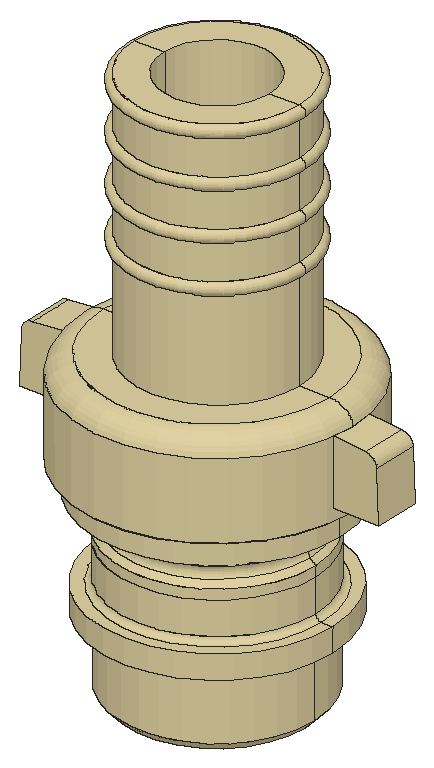
Revit family "HA04900000", category Apparecchi idraulici, Revit 2020
Family settings
  Quota connettore circolare = Usa diametro
  Tipo di parte = Normale
  Numero OmniClass = 23.45.00.00
  Titolo OmniClass = Sanitary, Laundry, and Cleaning Equipment
  Basato su piano di lavoro = No
  Sempre verticale = Sì
  Taglio con vuoti quando caricato = No
  Condiviso = No
  Punto di calcolo locali = No
Parameters
  URL = "https://web.cimberio.com/index.php/figura/107?subcategoria_id=31485"
  Temperatura di esercizio = "-10 ÷ 90°C"
  Prospetto di default = 0 mm
  Produttore = "CIMBERIO SPA"
  Pressione nominale = "PN 16"
  Modello = "Cim 142"
  Materiale = "Prodotto in lega di ottone conforme alla norma EN 12165-CW617N-DW"
  Descrizione = "Realizzato in ottemperanza ai requisiti gestionali della norma EN ISO 9001"
  DN Model [instance] = HA04903161 : HA04903161
  DN [instance] = 18 mm
  Commenti sul tipo = "Utilizzato per impianti idrici, applicazioni industriali ed agricole, in generale con ogni fluido non corrosivo"
Reference planes
  plane 1 "Centro (Fronte/Retro)": y = 0
  plane 2: z = 0
  plane 3 "Centro (Sinistra/Destra)": x = 0
Dimensions and locks
  aligned and locked: level to plane 2
Nested families
  nested 1: "HA04903161" at (0, 0, 0), type <- "DN Model", type "HA04903161"
  nested 2: "HA04903161" at (0, 0, 0), type <- "DN Model", type "HA04903161"
  nested 3: "HA04903161" at (0, 0, 0), type <- "DN Model", type "HA04903161"
  nested 4: "HA04903161" at (0, 0, 0), type <- "DN Model", type "HA04903161"
Connectors
  piping at (0, 0, 94.618), diameter 18, driven by "DN"
    settings: on nested 1, index 1, connector inside diameter 609.6 mm, connector length 0 mm, flow factor 0, pipe flow 0.0 L/s, pressure drop 0.0 Pa, fitting loss kfactor 0, connector angle 0.00°, fixture units 0, engagement length 0 mm, angle of deflection 0.00°, flow configuration 0, flow direction 0, fitting loss method 0, system type 7, joint type 0, gender type 0, connector reference index -1, connector utility 0, adjustable connector no, is connector primary yes, connector description ""
  piping at (0, 0, 0), diameter 18, driven by "DN"
    settings: on nested 1, index 2, connector inside diameter 609.6 mm, connector length 0 mm, flow factor 0, pipe flow 0.0 L/s, pressure drop 0.0 Pa, fitting loss kfactor 0, connector angle 0.00°, fixture units 0, engagement length 0 mm, angle of deflection 0.00°, flow configuration 0, flow direction 0, fitting loss method 0, system type 7, joint type 0, gender type 0, connector reference index -1, connector utility 0, adjustable connector no, is connector primary no, connector description ""
Definition of nested family "HA04903161"
  Parameters (values of type "HA04903161")
    URL = ""
    Default Elevation = 0 mm
    Manufacturer = ""
    Model = ""
    Description = ""
    Type Comments = ""
  Reference planes
    plane 1 "Centro (Fronte/Retro)": y = 0
    plane 2: z = 0
    plane 3 "Centro (Sinistra/Destra)": x = 0
  Forms (mm)
    Revolve 1, solid
      sketch origin (25, 0, 0) x (-1, 0, 0) y (0, 0, -1)
        loop
          line (37.594, -13) -> (41.6, -13) -> (41.6, -1.559) -> (40.1, 0) -> (37.594, 0) -> (37.594, -13)
        axis (25, -13) -> (25, 0)
      angle from 0 to 360
    Revolve 2, solid
      sketch origin (25, 0, 0) x (-1, 0, 0) y (0, 0, -1)
        loop
          line (32.866, -13) -> (32.866, -17) -> (44.75, -17) -> (44.75, -13) -> (32.866, -13)
        axis (25, -17) -> (25, -13)
      angle from 0 to 360
    Revolve 3, solid
      sketch origin (25, 0, 0) x (-1, 0, 0) y (0, 0, -1)
        loop
          line (41.75, -23.6) -> (41.75, -18)
          arc (41.75, -18) -> (42.043, -17.293) -> (42.75, -17) r 1
          line (42.75, -17) -> (34, -17) -> (34, -23.6) -> (41.75, -23.6)
        axis (25, -23.6) -> (25, -17)
      angle from 0 to 360
    Revolve 4, solid
      sketch origin (25, 0, 0) x (-1, 0, 0) y (0, 0, -1)
        loop
          line (41.75, -23.6) -> (34, -23.6) -> (34, -35.118) -> (45.85, -35.118) -> (45.85, -31.089) -> (41, -28.289)
          arc (41, -28.289) -> (40.49, -27.288) -> (40.793, -26.207) r 1.544
          line (40.793, -26.207) -> (41.75, -25.25) -> (41.75, -23.6)
        axis (25, -35.118) -> (25, -23.6)
      angle from 0 to 360
    Revolve 5, solid
      sketch origin (25, 0, 0) x (-1, 0, 0) y (0, 0, -1)
        loop
          arc (44.25, -51.818) -> (46.725, -50.961) -> (48.139, -48.756) r 4
          spline (48.139, -48.756) -> (48.135, -47.673) -> (48.131, -46.591) -> (48.127, -45.508) -> (48.123, -44.426) -> (48.119, -43.344) -> (48.115, -42.262) -> (48.111, -41.181) -> (48.107, -40.099) -> (48.103, -39.018) -> (48.098, -37.937) -> (48.094, -36.856) -> (48.09, -35.776)
          arc (48.09, -35.776) -> (47.306, -35.289) -> (46.4, -35.118) r 2.5
          line (46.4, -35.118) -> (34, -35.118) -> (34, -51.818) -> (44.25, -51.818)
        axis (25, -51.818) -> (25, -35.118)
      angle from 0 to 360
    Revolve 6, solid
      sketch origin (25, 0, 0) x (-1, 0, 0) y (0, 0, -1)
        loop
          arc (39, -94.618) -> (40, -93.618) -> (39, -92.618) r 1
          line (39, -92.618) -> (39, -86.618)
          arc (39, -86.618) -> (40, -85.618) -> (39, -84.618) r 1
          line (39, -84.618) -> (39, -78.618)
          arc (39, -78.618) -> (40, -77.618) -> (39, -76.618) r 1
          line (39, -76.618) -> (39, -70.618)
          arc (39, -70.618) -> (40, -69.618) -> (39, -68.618) r 1
          line (39, -68.618) -> (39, -51.818) -> (34, -51.818) -> (34, -94.618) -> (39, -94.618)
        axis (25, -94.618) -> (25, -51.818)
      angle from 0 to 360
    Extrusion 7, solid
      sketch origin (25, 0, 0) x (-1, 0, 0) y (0, 0, -1)
        loop
          line (55.556, -37.818) -> (45.087, -37.818) -> (45.087, -49.095) -> (53.402, -48.367)
          arc (53.402, -48.367) -> (54.696, -47.761) -> (55.254, -46.446) r 2
          line (55.254, -46.446) -> (55.556, -37.818)
        loop
          line (-5.556, -37.818) -> (-5.254, -46.446)
          arc (-5.254, -46.446) -> (-4.696, -47.761) -> (-3.402, -48.367) r 2
          line (-3.402, -48.367) -> (4.913, -49.095) -> (4.913, -37.818) -> (-5.556, -37.818)
      from -3.816 to 3.8
  Dimensions and locks
    aligned and locked: level to plane 2
